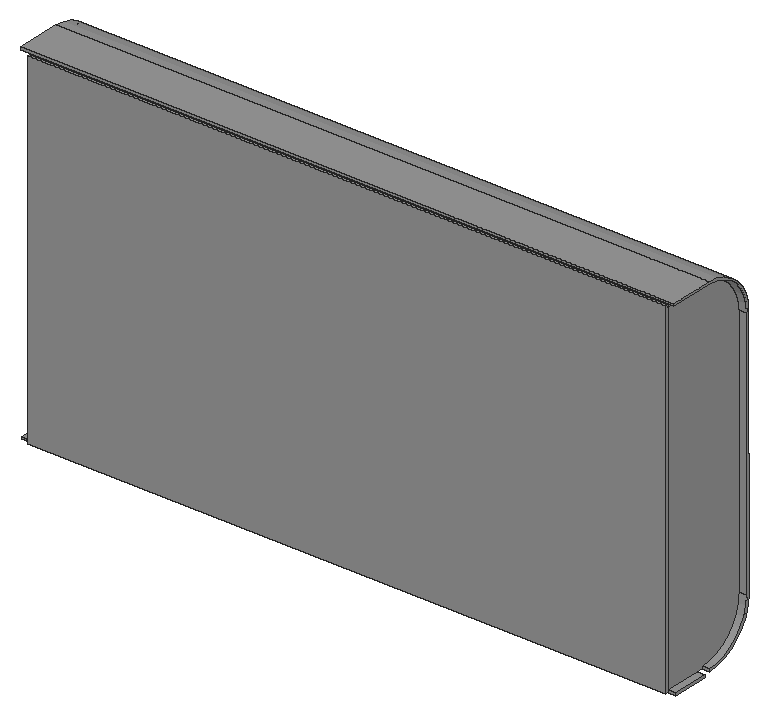
Revit family "3260 Bjørk_Baby change unit paper dispenser", category Furniture Systems, host Wall, Revit 2018
Family settings
  Host = Wall
  Round Connector Dimension = Use Diameter
  Part Type = Normal
  Always vertical = Yes
  Cut with Voids When Loaded = No
  Shared = No
  Room Calculation Point = No
Parameters (values of type "WHITE")
  Surface Front = RAL FARVE
  Surface Back = RAL FARVE
Reference planes
  plane 1 "Wall": y = 0
  plane 2 "Center (Left/Right)": x = 125
  plane 3 "Back": y = 75
Text (mm)
  text "Placement Side" at (-1848.837, 1116.779, 0), in view "Ref. Level"
  text "Placement side" at (0, 1409.804, 2854.306), in view "Left"
  text "Placement side" at (0, 499.811, 2980.732), in view "Right"
Dimensions and locks
  locked: plane 3 "Back" to host wall
  nested 1 to level = 1198.5 mm
  aligned and locked: plane 1 "Wall" to host wall
  aligned and locked: nested 1 to plane 3 "Back"
Nested families
  nested 1: "Master 3250 Baby change unit paper dispenser" at (125, 75, 1200) x (-1, 0, 0) z (0, 0, 1), type "Master 3250 Baby change unit paper dispenser"
Definition of nested family "Master 3250 Baby change unit paper dispenser"
  Parameters (values of type "Master 3250 Baby change unit paper dispenser")
    Surface Front = none
    Surface Back = none
    Model = "Björk Baby change unit dispenser - 3250"
    Manufacturer = "Dan Dryer"
    Description = "Baby change unit dispenser"
    Cost = 0
  Reference planes
    plane 1 "Center (Front/Back)": y = 0
    plane 2: z = 0
    plane 3 "Center (Left/Right)": x = 0
  Dimensions and locks
    aligned and locked: level to plane 2
    aligned and locked: level to nested 2
    aligned and locked: level to nested 1
    aligned and locked: plane 3 "Center (Left/Right)" to nested 2
    aligned and locked: nested 2 to nested 1
    aligned and locked: plane 1 "Center (Front/Back)" to nested 1
    aligned and locked: nested 2 to plane 1 "Center (Front/Back)"
  Nested families
    nested 1: "Bagplade Komponent" at (0, 0, -1.5), type "Bagplade Komponent"
    nested 2: "Forplade Komponent lukket" at (0, -13.483, 0), type "Forplade Komponent lukket"
  Definition of nested family "Bagplade Komponent"
    Parameters (values of type "Bagplade Komponent")
      Surface Back = none
      Materiale = none
    Reference planes
      plane 1 "Center (Front/Back)": y = 0
      plane 2: z = 0
      plane 3 "Center (Left/Right)": x = 0
    Forms (mm)
      Extrusion 1, solid, material <- "Surface Back"
        sketch origin (0, 0, 79) x (1, 0, 0) y (0, 0, 1)
          loop
            line (-200, -79) -> (200, -79) -> (200, 139) -> (-200, 139) -> (-200, -79)
        from 0 to 1.5
      Extrusion 2, solid, material <- "Surface Back"
        sketch origin (-200, 0, 188) x (0, 0, -1) y (0, -1, 0)
          loop
            line (186.5, 1.5) -> (186.5, 28)
            arc (186.5, 28) -> (178.006, 48.506) -> (157.5, 57) r 29
            line (157.5, 57) -> (-1, 57)
            arc (-1, 57) -> (-21.506, 48.506) -> (-30, 28) r 29
            line (-30, 28) -> (-30, 13.5) -> (-28.5, 13.5) -> (-28.5, 1.5) -> (186.5, 1.5)
        from 0 to -1.5
      Extrusion 3, solid, material <- "Surface Back"
        sketch origin (198.5, 0, 188) x (0, 0, -1) y (0, -1, 0)
          loop
            line (186.5, 1.5) -> (186.5, 28)
            arc (186.5, 28) -> (178.006, 48.506) -> (157.5, 57) r 29
            line (157.5, 57) -> (-1, 57)
            arc (-1, 57) -> (-21.506, 48.506) -> (-30, 28) r 29
            line (-30, 28) -> (-30, 13.5) -> (-28.5, 13.5) -> (-28.5, 1.5) -> (186.5, 1.5)
        from 0 to -1.5
      Extrusion 4, solid, material <- "Surface Back"
        sketch origin (200, 0, 218) x (-1, 0, 0) y (0, -1, 0)
          loop
            line (400, 1.5) -> (400, 13.5) -> (0, 13.5) -> (0, 1.5) -> (400, 1.5)
        from 0 to -1.5
      Extrusion 5, solid, material <- "Surface Back"
        sketch origin (-200, 0, 0) x (0, -1, 0) y (-1, 0, 0)
          loop
            line (1.5, 5) -> (1.5, -32) -> (24.5, -32) -> (24.5, 5) -> (1.5, 5)
        from 0 to -1.5
      Extrusion 6, solid, material <- "Surface Back"
        sketch origin (200, 0, 0) x (0, 1, 0) y (1, 0, 0)
          loop
            line (-1.5, 5) -> (-24.5, 5) -> (-24.5, -32) -> (-1.5, -32) -> (-1.5, 5)
        from 0 to -1.5
      Extrusion 7, solid, material <- "Surface Back"
        sketch origin (-200, 0, 0) x (0, -1, 0) y (-1, 0, 0)
          loop
            line (1.5, -61) -> (1.5, -339) -> (8.5, -339) -> (8.5, -61) -> (1.5, -61)
        from 0 to -1.5
    Dimensions and locks
      aligned and locked: level to plane 2
  Definition of nested family "Forplade Komponent lukket"
    Parameters (values of type "Forplade Komponent lukket")
      Surface Front = none
    Reference planes
      plane 1 "Center (Front/Back)": y = 0
      plane 2: z = 0
      plane 3 "Center (Left/Right)": x = 0
    Forms (mm)
      Extrusion 1, solid, material <- "Surface Front"
        sketch origin (0, 0, 79.75) x (0, 1, 0) y (0, 0, 1)
          loop
            arc (-14.5, -78.25) -> (-35.006, -69.756) -> (-43.5, -49.25) r 29
            line (-43.5, -49.25) -> (-43.5, 109.25)
            arc (-43.5, 109.25) -> (-35.006, 129.756) -> (-14.5, 138.25) r 29
            line (-14.5, 138.25) -> (13.483, 138.25) -> (13.483, 139.75) -> (-14.5, 139.75)
            arc (-14.5, 139.75) -> (-36.067, 130.817) -> (-45, 109.25) r 30.5
            line (-45, 109.25) -> (-45, -49.25)
            arc (-45, -49.25) -> (-36.067, -70.817) -> (-14.5, -79.75) r 30.5
            line (-14.5, -79.75) -> (-14.5, -78.25)
        from -205 to 205
      Extrusion 2, void
        sketch origin (0, 0, 79.75) x (1, 0, 0) y (0, 0, 1)
          loop
            line (-165, -8.116) -> (164.987, -8.116)
            arc (164.987, -8.116) -> (174.987, 1.884) -> (164.987, 11.884) r 10
            line (164.987, 11.884) -> (-165, 11.884)
            arc (-165, 11.884) -> (-175, 1.884) -> (-165, -8.116) r 10
        from 31.755 to 69.02
      Extrusion 3, solid
        sketch origin (0, -45, -42) x (0, 0, 1) y (-1, 0, 0)
          loop
            circle (214.218, 0) r 15
        from 0 to 20
    Cuts and joins
      Extrusion 2 cuts Extrusion 1
    Lines and regions (mm)
      model lines
        curve 1: line (0, -11, -58.5) -> (0, -11, -60)
    Dimensions and locks
      aligned and locked: level to plane 2
